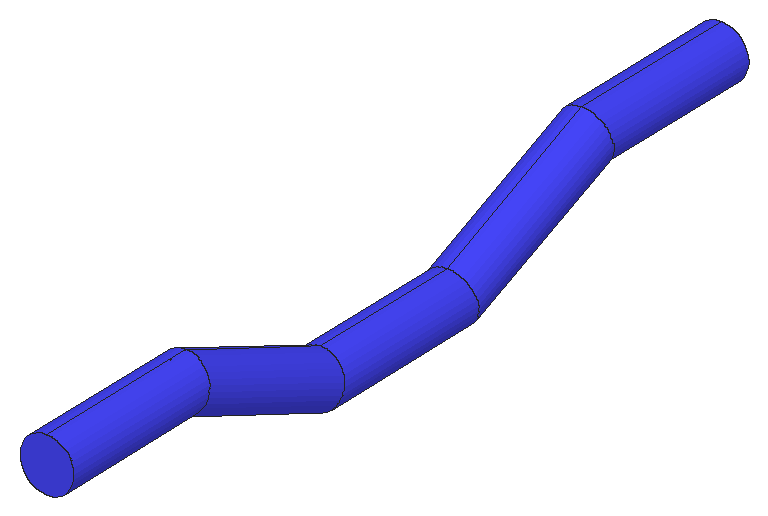
Revit family "קשת כחול", category Pipe Fittings, Revit 2019
Family settings
  Round Connector Dimension = Use Diameter
  Part Type = Union
  Work Plane-Based = No
  Always vertical = Yes
  Cut with Voids When Loaded = No
  Shared = No
Parameters
  OD [instance] = 16 mm
  H [instance] = OD + 5 mm  # 21 mm
Reference planes
  plane 1 "Center (Front/Back)": y = 0
  plane 2: z = 0
  plane 3 "Center (Left/Right)": x = 0
  plane 4: y = -50
  plane 5: y = 50
  plane 6: y = -100
  plane 7: y = 100
  plane 8: y = 150
  plane 9: z = -21
Forms (mm)
  Sweep 1, solid, material "PEX קשת כחול"
    path origin (0, 0, 0.031) x (0, 1, 0) y (0, 0, 1)
      loop
        line (-100, 0) -> (-50, 0) -> (0, -21.031) -> (50, -21.031) -> (100, 0) -> (150, 0)
    profile origin (0, -75, 0.031) x (0, 0, 1) y (1, 0, 0)
      loop
        circle (0, 0) r 8
Dimensions and locks
  "H": level to plane 9
  "OD": diameter of Sweep 1 sketch curve
  aligned and locked: level to plane 2
Automatic sketch dimensions
  Sweep 1 sketch curve to plane 6 = 0 mm
  Sweep 1 sketch curve to plane 4 = 0 mm
  Sweep 1 sketch curve to plane 1 "Center (Front/Back)" = 0 mm
  Sweep 1 sketch curve to plane 5 = 0 mm
  Sweep 1 sketch curve to plane 7 = 0 mm
  Sweep 1 sketch curve to plane 8 = 0 mm
  Sweep 1 sketch curve to plane 9 = 0 mm
  level to Sweep 1 sketch curve = 0.031 mm  (x2)
  Sweep 1 sketch curve to profile plane = 0 mm  (x2)
Connectors
  piping at (0, -100, 0.031), diameter 16, driven by "OD"
    settings: on Sweep 1, index 1, connector inside diameter 609.6 mm, connector length 0 mm, flow factor 0, pipe flow 0.0 L/s, pressure drop 0.0 Pa, fitting loss kfactor 0, connector angle 0.00°, fixture units 0, engagement length 0 mm, angle of deflection 0.00°, flow configuration 0, flow direction 0, fitting loss method 0, system type 28, joint type 0, gender type 0, connector reference index -1, connector utility 0, adjustable connector no, is connector primary yes, connector description ""
  piping at (0, 150, 0.031), diameter 16, driven by "OD"
    settings: on Sweep 1, index 2, connector inside diameter 609.6 mm, connector length 0 mm, flow factor 0, pipe flow 0.0 L/s, pressure drop 0.0 Pa, fitting loss kfactor 0, connector angle 0.00°, fixture units 0, engagement length 0 mm, angle of deflection 0.00°, flow configuration 0, flow direction 0, fitting loss method 0, system type 28, joint type 0, gender type 0, connector reference index -1, connector utility 0, adjustable connector no, is connector primary no, connector description ""
